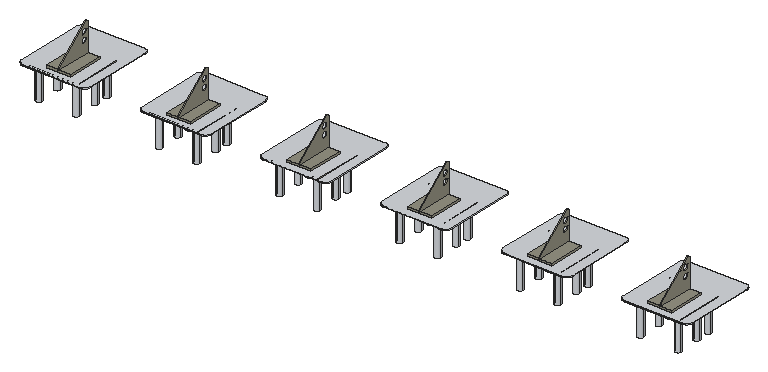
Revit family "Construction_Roof-Accessories_Alpine-SnowGuards_PP115R", category Specialty Equipment, host Face, Revit 2019
Family settings
  Host = Face
  Round Connector Dimension = Use Diameter
  Part Type = Normal
  OmniClass Number = 23.35.20.31.27.14
  OmniClass Title = Snow Guards
  Cut with Voids When Loaded = No
  Shared = No
  Room Calculation Point = No
Parameters (values of type "Hi Hole")
  z_HCtrl [instance] = z_Ferrule_Height_Ctrl  # 5"
  z_Flashing_Height [instance] = z_HCtrl + 1" / 8  # 5 1/8"
  z_Ferrule_Height_Ctrl [instance] = if(Ferrule Height > 24", 24", if(Ferrule Height < 1", 1", Ferrule Height))  # 5"
  Z_Two Pipe = no
  Z_Two 6 [instance] = and(Z_Length > Z_Horizontal Spacing, and([6 Posts]))  # yes
  Z_Two [instance] = Z_Length > Z_Horizontal Spacing  # yes
  Z_Three Pipe = no
  Z_Radius = 1/2"
  Z_Pad Position [instance] = z_HCtrl + 3" / 16  # 5 3/16"
  Z_One 6 [instance] = and([6 Posts], not(Z_Array 6))  # no
  Z_One [instance] = not(Z_Array)  # no
  Z_Length [instance] = if(Length < Z_Horizontal Spacing, Z_Horizontal Spacing, Length)  # 100"
  Z_Horizontal Spacing [instance] = if(Horizontal Spacing < 2", 2", Horizontal Spacing)  # 20"
  Z_Hi Hole = yes
  Z_Array 6 [instance] = and(Z_Length > Z_Horizontal Spacing * 2, and([6 Posts]))  # yes
  Z_Array [instance] = and(Z_Length > Z_Horizontal Spacing * 2)  # yes
  URL = "https://www.alpinesnowguards.com/model/pp115?utm_source=bimobject&utm_medium=productlisting&utm_campaign=2022marketing"
  Snow Guard Count [instance] = if(Length < Horizontal Spacing, 1, if(and(Z_Length > Z_Horizontal Spacing, Z_Length < Z_Horizontal Spacing * 2), 2, Z_Number of Pads Control))  # 6
  Product data url = "https://www.bimobject.com/en-us/alpine-snowguards/product/pp115r_two_or_three_pipe_snow_guard"
  Product Material = Alpine SnowGuards - Aluminium - Mill Finish
  Product Guid = "bb4954c0-a4e1-4e39-9e12-db7043d17840"
  Z_Number of Pads Control [instance] = if(Z_Length / Z_Horizontal Spacing + 1 < 3, 3, rounddown(Z_Length / Z_Horizontal Spacing + 1))  # 6
  Pad Material = Alpine SnowGuards - Aluminium - Mill Finish
  Model = "PP115R - Hi Hole"
  Manufacturer = "Alpine SnowGuards"  # constant formula
  Length [instance] = 100"
  Keynote = "07720"
  Length Note [instance] = "To show a single SnowGuard set Length to 0"  # constant formula
  Horizontal Spacing = 20"
  Ferrule Height [instance] = 5"
  Edition number = 1  # constant formula
  Description = "PP115 two or three pipe, pipe-style snow guard bracket in aluminum. 6''X8'' stainless steel base plate."  # constant formula
  Default Elevation = 48"
  Base Material = Alpine SnowGuards - Aluminium - Mill Finish
  Assembly Code = "B3010"
  6 Posts = yes
  4 Posts = not([6 Posts])  # no
Types (4): name | Z_Two Pipe | Z_Three Pipe | Z_Hi Hole | Model
  (no name) | no | no | yes | "PP115R - Hi Hole"
  Two Pipe | yes | no | no | "PP115R - Two Pipe"
  Three Pipe | no | yes | no | "PP115R - Three Pipe"
  Hi Hole | no | no | yes | "PP115R - Hi Hole"
Reference planes (in)
  plane 1 "Center (Front/Back)": y = 0
  plane 2: z = 0
  plane 3 "Center (Left/Right)": x = 0
  plane 4: x = -6
  plane 5: x = 100
  plane 6: z = 5
  plane 7: x = 20
  plane 8: y = -2.21833
Dimensions and locks (in)
  plane 4 to plane 3 "Center (Left/Right)" = 6"
  "Z_Length": plane 3 "Center (Left/Right)" to plane 5
  "z_HCtrl": plane 6 to host face
  "z_Flashing_Height": nested 2 to level
  "Z_Pad Position": nested 3 to host face  (x2)
  locked: nested 4 to plane 3 "Center (Left/Right)" at 3.125
  locked: nested 4 to plane 8 at 3.125
  locked: nested 5 to plane 3 "Center (Left/Right)" at 3.125
  locked: plane 8 to nested 5 at 3.125
  locked: plane 3 "Center (Left/Right)" to nested 6 at 3.125
  locked: nested 6 to plane 8 at 3.125
  locked: plane 8 to nested 7 at 3.125
  locked: plane 3 "Center (Left/Right)" to nested 7 at 3.125
  equal spacing: group 1, group 2, group 9, group 16, group 17, group 18  (x3)
  locked: plane 8 to nested 9 at 3.125
  locked: nested 8 to plane 8 at 3.125
  locked: nested 10 to plane 8 at 3.125
  locked: plane 8 to nested 11 at 3.125
  locked: nested 8 to plane 7 at 3.125
  locked: plane 7 to nested 10 at 3.125
  locked: nested 9 to plane 7 at 3.125
  locked: plane 7 to nested 11 at 3.125
  "Z_Horizontal Spacing": plane 3 "Center (Left/Right)" to plane 7
  equal spacing: group 3, group 4, group 10, group 19, group 20, group 21  (x3)
  equal spacing: group 5, group 6, group 11, group 22, group 23, group 24  (x3)
  equal spacing: group 7, group 8, group 12, group 25, group 26, group 27  (x3)
  "z_Flashing_Height": nested 14 to host face
  "Z_Pad Position": nested 13 to host face
  "z_Flashing_Height": nested 22 to level
  "z_Flashing_Height": nested 23 to level
  "Z_Pad Position": nested 24 to level
  "Z_Pad Position": nested 25 to level
  locked: nested 30 to plane 8 at 3.125
  locked: plane 8 to nested 27 at 3.125
  locked: nested 29 to plane 8 at 3.125
  locked: plane 8 to nested 28 at 3.125
  locked: nested 33 to plane 8 at 3.125
  locked: nested 34 to plane 8 at 3.125
  locked: plane 8 to nested 31 at 3.125
  locked: plane 8 to nested 32 at 3.125
  locked: nested 36 to plane 3 "Center (Left/Right)" at 3.125
  locked: plane 8 to nested 36 at 0.74959
  locked: plane 3 "Center (Left/Right)" to nested 35 at 3.125
  locked: plane 8 to nested 35 at 0.74959
  equal spacing: group 13, group 14, group 15, group 28, group 29, group 30  (x3)
  locked: nested 38 to plane 7 at 3.125
  locked: plane 7 to nested 37 at 3.125
  locked: plane 8 to nested 38 at 0.74959
  locked: plane 8 to nested 37 at 0.74959
  locked: nested 44 to plane 3 "Center (Left/Right)" at 3.125
  locked: plane 3 "Center (Left/Right)" to nested 43 at 3.125
  locked: plane 8 to nested 44 at 0.74959
  locked: plane 8 to nested 43 at 0.74959
  locked: nested 46 to plane 7 at 3.125
  locked: plane 7 to nested 45 at 3.125
  locked: plane 8 to nested 46 at 0.74959
  locked: plane 8 to nested 45 at 0.74959
  aligned and locked: host face to plane 2
  aligned and locked: level to host face
  aligned and locked: nested 1 to plane 6
  aligned and locked: plane 3 "Center (Left/Right)" to nested 1
  aligned and locked: plane 8 to nested 1
  aligned and locked: nested 2 to plane 1 "Center (Front/Back)"
  aligned and locked: plane 3 "Center (Left/Right)" to nested 2
  aligned and locked: plane 1 "Center (Front/Back)" to nested 3
  aligned and locked: nested 3 to plane 3 "Center (Left/Right)"
  aligned and locked: nested 5 to plane 6
  aligned and locked: plane 6 to nested 7
  aligned and locked: plane 6 to nested 4
  aligned and locked: nested 6 to plane 6
  aligned and locked: nested 9 to plane 6
  aligned and locked: plane 6 to nested 8
  aligned and locked: plane 6 to nested 11
  aligned and locked: nested 10 to plane 6
  aligned and locked: nested 12 to plane 6
  aligned and locked: nested 12 to plane 8
  aligned and locked: nested 12 to plane 7
  aligned and locked: plane 1 "Center (Front/Back)" to nested 13
  aligned and locked: plane 7 to nested 13
  aligned and locked: nested 14 to plane 1 "Center (Front/Back)"
  aligned and locked: nested 14 to plane 7
  aligned and locked: nested 26 to plane 6
  aligned and locked: plane 3 "Center (Left/Right)" to nested 22
  aligned and locked: nested 22 to plane 1 "Center (Front/Back)"
  aligned and locked: nested 24 to plane 3 "Center (Left/Right)"
  aligned and locked: nested 26 to plane 8
  aligned and locked: nested 26 to plane 7
  aligned and locked: nested 23 to plane 7
  aligned and locked: nested 23 to plane 1 "Center (Front/Back)"
  aligned and locked: plane 1 "Center (Front/Back)" to nested 25
  aligned and locked: plane 7 to nested 25
  aligned and locked: plane 3 "Center (Left/Right)" to nested 47
  aligned and locked: plane 8 to nested 47
Automatic sketch dimensions
  host sketch curve to host sketch curve = 135.21334"
  host sketch curve to host sketch curve = 96"
Nested families (in)
  nested 1: "Construction_Roof-Accessories_Alpine-SnowGuards_Base-PP115R" at (0, 1.78167, 5), Material <- "Base Material", visible <- "Z_Array", type "8"x8""
    with Material Alpine SnowGuards - Aluminium - Mill Finish
  nested 2: "Target-Patch-Flashing" at (0, -6.625, 5), visible <- "Z_Array", type "Target-Patch-Flashing"
  nested 3: "Construction_Roof-Accessories_Alpine-SnowGuards_Pad-PP115R" at (0, -5.21833, 5.0625) x (-1, 0, 0) z (0, 0, 1), Pad Material <- "Pad Material", Three Pipe <- "Z_Three Pipe", Two Pipe <- "Z_Two Pipe", Hi Hole <- "Z_Hi Hole", visible <- "Z_Array", type "Construction_Roof-Accessories_Alpine-SnowGuards_Pad-PP115R"
    with Two Pipe no, Three Pipe no, Pad Material Alpine SnowGuards - Aluminium - Mill Finish, Hi Hole yes
  nested 4: "Construction_Roof Accessories_Alpine-SnowGuards_Ferrule-PP115R" at (-3.125, 0.90667, 0), z_Height_Ctrl <- "z_Ferrule_Height_Ctrl", visible <- "Z_Array", type "Construction_Roof Accessories_Alpine-SnowGuards_Ferrule-PP115R"
    with z_Height_Ctrl 5"
  nested 5: "Construction_Roof Accessories_Alpine-SnowGuards_Ferrule-PP115R" at (-3.125, -5.34333, 0), z_Height_Ctrl <- "z_Ferrule_Height_Ctrl", visible <- "Z_Array", type "Construction_Roof Accessories_Alpine-SnowGuards_Ferrule-PP115R"
    with z_Height_Ctrl 5"
  nested 6: "Construction_Roof Accessories_Alpine-SnowGuards_Ferrule-PP115R" at (3.125, 0.90667, 0) x (-1, 0, 0) z (0, 0, 1), z_Height_Ctrl <- "z_Ferrule_Height_Ctrl", visible <- "Z_Array", type "Construction_Roof Accessories_Alpine-SnowGuards_Ferrule-PP115R"
    with z_Height_Ctrl 5"
  nested 7: "Construction_Roof Accessories_Alpine-SnowGuards_Ferrule-PP115R" at (3.125, -5.34333, 0) x (-1, 0, 0) z (0, 0, 1), z_Height_Ctrl <- "z_Ferrule_Height_Ctrl", visible <- "Z_Array", type "Construction_Roof Accessories_Alpine-SnowGuards_Ferrule-PP115R"
    with z_Height_Ctrl 5"
  nested 8: "Construction_Roof Accessories_Alpine-SnowGuards_Ferrule-PP115R" at (16.875, 0.90667, 0), z_Height_Ctrl <- "z_Ferrule_Height_Ctrl", visible <- "Z_Array", type "Construction_Roof Accessories_Alpine-SnowGuards_Ferrule-PP115R"
    with z_Height_Ctrl 5"
  nested 9: "Construction_Roof Accessories_Alpine-SnowGuards_Ferrule-PP115R" at (16.875, -5.34333, 0), z_Height_Ctrl <- "z_Ferrule_Height_Ctrl", visible <- "Z_Array", type "Construction_Roof Accessories_Alpine-SnowGuards_Ferrule-PP115R"
    with z_Height_Ctrl 5"
  nested 10: "Construction_Roof Accessories_Alpine-SnowGuards_Ferrule-PP115R" at (23.125, 0.90667, 0) x (-1, 0, 0) z (0, 0, 1), z_Height_Ctrl <- "z_Ferrule_Height_Ctrl", visible <- "Z_Array", type "Construction_Roof Accessories_Alpine-SnowGuards_Ferrule-PP115R"
    with z_Height_Ctrl 5"
  nested 11: "Construction_Roof Accessories_Alpine-SnowGuards_Ferrule-PP115R" at (23.125, -5.34333, 0) x (-1, 0, 0) z (0, 0, 1), z_Height_Ctrl <- "z_Ferrule_Height_Ctrl", visible <- "Z_Array", type "Construction_Roof Accessories_Alpine-SnowGuards_Ferrule-PP115R"
    with z_Height_Ctrl 5"
  nested 12: "Construction_Roof-Accessories_Alpine-SnowGuards_Base-PP115R" at (20, 1.78167, 5), Material <- "Base Material", visible <- "Z_Array", type "8"x8""
    with Material Alpine SnowGuards - Aluminium - Mill Finish
  nested 13: "Construction_Roof-Accessories_Alpine-SnowGuards_Pad-PP115R" at (20, -5.21833, 5.0625) x (-1, 0, 0) z (0, 0, 1), Pad Material <- "Pad Material", Three Pipe <- "Z_Three Pipe", Two Pipe <- "Z_Two Pipe", Hi Hole <- "Z_Hi Hole", visible <- "Z_Array", type "Construction_Roof-Accessories_Alpine-SnowGuards_Pad-PP115R"
    with Two Pipe no, Three Pipe no, Pad Material Alpine SnowGuards - Aluminium - Mill Finish, Hi Hole yes
  nested 14: "Target-Patch-Flashing" at (20, -6.625, 5), visible <- "Z_Array", type "Target-Patch-Flashing"
  nested 15: "Construction_Roof Accessories_Alpine-SnowGuards_Ferrule-PP115R" at (36.875, 0.90667, 0), z_Height_Ctrl <- "z_Ferrule_Height_Ctrl", visible <- "Z_Array", type "Construction_Roof Accessories_Alpine-SnowGuards_Ferrule-PP115R"
    with z_Height_Ctrl 5"
  nested 16: "Construction_Roof Accessories_Alpine-SnowGuards_Ferrule-PP115R" at (36.875, -5.34333, 0), z_Height_Ctrl <- "z_Ferrule_Height_Ctrl", visible <- "Z_Array", type "Construction_Roof Accessories_Alpine-SnowGuards_Ferrule-PP115R"
    with z_Height_Ctrl 5"
  nested 17: "Construction_Roof Accessories_Alpine-SnowGuards_Ferrule-PP115R" at (43.125, 0.90667, 0) x (-1, 0, 0) z (0, 0, 1), z_Height_Ctrl <- "z_Ferrule_Height_Ctrl", visible <- "Z_Array", type "Construction_Roof Accessories_Alpine-SnowGuards_Ferrule-PP115R"
    with z_Height_Ctrl 5"
  nested 18: "Construction_Roof Accessories_Alpine-SnowGuards_Ferrule-PP115R" at (43.125, -5.34333, 0) x (-1, 0, 0) z (0, 0, 1), z_Height_Ctrl <- "z_Ferrule_Height_Ctrl", visible <- "Z_Array", type "Construction_Roof Accessories_Alpine-SnowGuards_Ferrule-PP115R"
    with z_Height_Ctrl 5"
  nested 19: "Construction_Roof-Accessories_Alpine-SnowGuards_Base-PP115R" at (40, 1.78167, 5), Material <- "Base Material", visible <- "Z_Array", type "8"x8""
    with Material Alpine SnowGuards - Aluminium - Mill Finish
  nested 20: "Construction_Roof-Accessories_Alpine-SnowGuards_Pad-PP115R" at (40, -5.21833, 5.0625) x (-1, 0, 0) z (0, 0, 1), Pad Material <- "Pad Material", Three Pipe <- "Z_Three Pipe", Two Pipe <- "Z_Two Pipe", Hi Hole <- "Z_Hi Hole", visible <- "Z_Array", type "Construction_Roof-Accessories_Alpine-SnowGuards_Pad-PP115R"
    with Two Pipe no, Three Pipe no, Pad Material Alpine SnowGuards - Aluminium - Mill Finish, Hi Hole yes
  nested 21: "Target-Patch-Flashing" at (40, -6.625, 5), visible <- "Z_Array", type "Target-Patch-Flashing"
  nested 22: "Target-Patch-Flashing" at (0, -6.625, 5), visible <- "Z_One", type "Target-Patch-Flashing"
  nested 23: "Target-Patch-Flashing" at (20, -6.625, 5), visible <- "Z_Two", type "Target-Patch-Flashing"
  nested 24: "Construction_Roof-Accessories_Alpine-SnowGuards_Pad-PP115R" at (0, -5.21833, 5.0625) x (-1, 0, 0) z (0, 0, 1), Pad Material <- "Pad Material", Three Pipe <- "Z_Three Pipe", Two Pipe <- "Z_Two Pipe", Hi Hole <- "Z_Hi Hole", type "Construction_Roof-Accessories_Alpine-SnowGuards_Pad-PP115R"
    with Two Pipe no, Three Pipe no, Pad Material Alpine SnowGuards - Aluminium - Mill Finish, Hi Hole yes
  nested 25: "Construction_Roof-Accessories_Alpine-SnowGuards_Pad-PP115R" at (20, -5.21833, 5.0625) x (-1, 0, 0) z (0, 0, 1), Pad Material <- "Pad Material", visible <- "Z_Two", Three Pipe <- "Z_Three Pipe", Two Pipe <- "Z_Two Pipe", Hi Hole <- "Z_Hi Hole", type "Construction_Roof-Accessories_Alpine-SnowGuards_Pad-PP115R"
    with Two Pipe no, Three Pipe no, Pad Material Alpine SnowGuards - Aluminium - Mill Finish, Hi Hole yes
  nested 26: "Construction_Roof-Accessories_Alpine-SnowGuards_Base-PP115R" at (20, 1.78167, 5), visible <- "Z_Two", Material <- "Base Material", type "8"x8""
    with Material Alpine SnowGuards - Aluminium - Mill Finish
  nested 27: "Construction_Roof Accessories_Alpine-SnowGuards_Ferrule-PP115R" at (-3.125, -5.34333, 0), visible <- "Z_One", z_Height_Ctrl <- "z_Ferrule_Height_Ctrl", type "Construction_Roof Accessories_Alpine-SnowGuards_Ferrule-PP115R"
    with z_Height_Ctrl 5"
  nested 28: "Construction_Roof Accessories_Alpine-SnowGuards_Ferrule-PP115R" at (3.125, -5.34333, 0), visible <- "Z_One", z_Height_Ctrl <- "z_Ferrule_Height_Ctrl", type "Construction_Roof Accessories_Alpine-SnowGuards_Ferrule-PP115R"
    with z_Height_Ctrl 5"
  nested 29: "Construction_Roof Accessories_Alpine-SnowGuards_Ferrule-PP115R" at (3.125, 0.90667, 0), visible <- "Z_One", z_Height_Ctrl <- "z_Ferrule_Height_Ctrl", type "Construction_Roof Accessories_Alpine-SnowGuards_Ferrule-PP115R"
    with z_Height_Ctrl 5"
  nested 30: "Construction_Roof Accessories_Alpine-SnowGuards_Ferrule-PP115R" at (-3.125, 0.90667, 0), visible <- "Z_One", z_Height_Ctrl <- "z_Ferrule_Height_Ctrl", type "Construction_Roof Accessories_Alpine-SnowGuards_Ferrule-PP115R"
    with z_Height_Ctrl 5"
  nested 31: "Construction_Roof Accessories_Alpine-SnowGuards_Ferrule-PP115R" at (16.875, -5.34333, 0), visible <- "Z_Two", z_Height_Ctrl <- "z_Ferrule_Height_Ctrl", type "Construction_Roof Accessories_Alpine-SnowGuards_Ferrule-PP115R"
    with z_Height_Ctrl 5"
  nested 32: "Construction_Roof Accessories_Alpine-SnowGuards_Ferrule-PP115R" at (23.125, -5.34333, 0), visible <- "Z_Two", z_Height_Ctrl <- "z_Ferrule_Height_Ctrl", type "Construction_Roof Accessories_Alpine-SnowGuards_Ferrule-PP115R"
    with z_Height_Ctrl 5"
  nested 33: "Construction_Roof Accessories_Alpine-SnowGuards_Ferrule-PP115R" at (16.875, 0.90667, 0), visible <- "Z_Two", z_Height_Ctrl <- "z_Ferrule_Height_Ctrl", type "Construction_Roof Accessories_Alpine-SnowGuards_Ferrule-PP115R"
    with z_Height_Ctrl 5"
  nested 34: "Construction_Roof Accessories_Alpine-SnowGuards_Ferrule-PP115R" at (23.125, 0.90667, 0), visible <- "Z_Two", z_Height_Ctrl <- "z_Ferrule_Height_Ctrl", type "Construction_Roof Accessories_Alpine-SnowGuards_Ferrule-PP115R"
    with z_Height_Ctrl 5"
  nested 35: "Construction_Roof Accessories_Alpine-SnowGuards_Ferrule-PP115R" at (3.125, -1.46875, 0), visible <- "Z_Array 6", z_Height_Ctrl <- "z_Ferrule_Height_Ctrl", type "Construction_Roof Accessories_Alpine-SnowGuards_Ferrule-PP115R"
    with z_Height_Ctrl 5"
  nested 36: "Construction_Roof Accessories_Alpine-SnowGuards_Ferrule-PP115R" at (-3.125, -1.46875, 0), visible <- "Z_Array 6", z_Height_Ctrl <- "z_Ferrule_Height_Ctrl", type "Construction_Roof Accessories_Alpine-SnowGuards_Ferrule-PP115R"
    with z_Height_Ctrl 5"
  nested 37: "Construction_Roof Accessories_Alpine-SnowGuards_Ferrule-PP115R" at (23.125, -1.46875, 0), visible <- "Z_Array 6", z_Height_Ctrl <- "z_Ferrule_Height_Ctrl", type "Construction_Roof Accessories_Alpine-SnowGuards_Ferrule-PP115R"
    with z_Height_Ctrl 5"
  nested 38: "Construction_Roof Accessories_Alpine-SnowGuards_Ferrule-PP115R" at (16.875, -1.46875, 0), visible <- "Z_Array 6", z_Height_Ctrl <- "z_Ferrule_Height_Ctrl", type "Construction_Roof Accessories_Alpine-SnowGuards_Ferrule-PP115R"
    with z_Height_Ctrl 5"
  nested 39: "Construction_Roof Accessories_Alpine-SnowGuards_Ferrule-PP115R" at (-3.125, -1.46875, 0), visible <- "6 Posts", z_Height_Ctrl <- "z_Ferrule_Height_Ctrl", type "Construction_Roof Accessories_Alpine-SnowGuards_Ferrule-PP115R"
    with z_Height_Ctrl 5"
  nested 40: "Construction_Roof Accessories_Alpine-SnowGuards_Ferrule-PP115R" at (3.125, -1.46875, 0), visible <- "6 Posts", z_Height_Ctrl <- "z_Ferrule_Height_Ctrl", type "Construction_Roof Accessories_Alpine-SnowGuards_Ferrule-PP115R"
    with z_Height_Ctrl 5"
  nested 41: "Construction_Roof Accessories_Alpine-SnowGuards_Ferrule-PP115R" at (43.125, -1.46875, 0), visible <- "Z_Array 6", z_Height_Ctrl <- "z_Ferrule_Height_Ctrl", type "Construction_Roof Accessories_Alpine-SnowGuards_Ferrule-PP115R"
    with z_Height_Ctrl 5"
  nested 42: "Construction_Roof Accessories_Alpine-SnowGuards_Ferrule-PP115R" at (36.875, -1.46875, 0), visible <- "Z_Array 6", z_Height_Ctrl <- "z_Ferrule_Height_Ctrl", type "Construction_Roof Accessories_Alpine-SnowGuards_Ferrule-PP115R"
    with z_Height_Ctrl 5"
  nested 43: "Construction_Roof Accessories_Alpine-SnowGuards_Ferrule-PP115R" at (3.125, -1.46875, 0), visible <- "Z_One 6", z_Height_Ctrl <- "z_Ferrule_Height_Ctrl", type "Construction_Roof Accessories_Alpine-SnowGuards_Ferrule-PP115R"
    with z_Height_Ctrl 5"
  nested 44: "Construction_Roof Accessories_Alpine-SnowGuards_Ferrule-PP115R" at (-3.125, -1.46875, 0), visible <- "Z_One 6", z_Height_Ctrl <- "z_Ferrule_Height_Ctrl", type "Construction_Roof Accessories_Alpine-SnowGuards_Ferrule-PP115R"
    with z_Height_Ctrl 5"
  nested 45: "Construction_Roof Accessories_Alpine-SnowGuards_Ferrule-PP115R" at (23.125, -1.46875, 0), visible <- "Z_Two 6", z_Height_Ctrl <- "z_Ferrule_Height_Ctrl", type "Construction_Roof Accessories_Alpine-SnowGuards_Ferrule-PP115R"
    with z_Height_Ctrl 5"
  nested 46: "Construction_Roof Accessories_Alpine-SnowGuards_Ferrule-PP115R" at (16.875, -1.46875, 0), visible <- "Z_Two 6", z_Height_Ctrl <- "z_Ferrule_Height_Ctrl", type "Construction_Roof Accessories_Alpine-SnowGuards_Ferrule-PP115R"
    with z_Height_Ctrl 5"
  nested 47: "Construction_Roof-Accessories_Alpine-SnowGuards_Base-PP115R" at (0, 1.78167, 5), visible <- "Z_One", Material <- "Base Material", type "8"x8""
    with Material Alpine SnowGuards - Aluminium - Mill Finish
  nested 48: "Construction_Roof Accessories_Alpine-SnowGuards_Ferrule-PP115R" at (56.875, 0.90667, 0), z_Height_Ctrl <- "z_Ferrule_Height_Ctrl", visible <- "Z_Array", type "Construction_Roof Accessories_Alpine-SnowGuards_Ferrule-PP115R"
    with z_Height_Ctrl 5"
  nested 49: "Construction_Roof Accessories_Alpine-SnowGuards_Ferrule-PP115R" at (56.875, -5.34333, 0), z_Height_Ctrl <- "z_Ferrule_Height_Ctrl", visible <- "Z_Array", type "Construction_Roof Accessories_Alpine-SnowGuards_Ferrule-PP115R"
    with z_Height_Ctrl 5"
  nested 50: "Construction_Roof Accessories_Alpine-SnowGuards_Ferrule-PP115R" at (63.125, 0.90667, 0) x (-1, 0, 0) z (0, 0, 1), z_Height_Ctrl <- "z_Ferrule_Height_Ctrl", visible <- "Z_Array", type "Construction_Roof Accessories_Alpine-SnowGuards_Ferrule-PP115R"
    with z_Height_Ctrl 5"
  nested 51: "Construction_Roof Accessories_Alpine-SnowGuards_Ferrule-PP115R" at (63.125, -5.34333, 0) x (-1, 0, 0) z (0, 0, 1), z_Height_Ctrl <- "z_Ferrule_Height_Ctrl", visible <- "Z_Array", type "Construction_Roof Accessories_Alpine-SnowGuards_Ferrule-PP115R"
    with z_Height_Ctrl 5"
  nested 52: "Construction_Roof Accessories_Alpine-SnowGuards_Ferrule-PP115R" at (76.875, 0.90667, 0), z_Height_Ctrl <- "z_Ferrule_Height_Ctrl", visible <- "Z_Array", type "Construction_Roof Accessories_Alpine-SnowGuards_Ferrule-PP115R"
    with z_Height_Ctrl 5"
  nested 53: "Construction_Roof Accessories_Alpine-SnowGuards_Ferrule-PP115R" at (76.875, -5.34333, 0), z_Height_Ctrl <- "z_Ferrule_Height_Ctrl", visible <- "Z_Array", type "Construction_Roof Accessories_Alpine-SnowGuards_Ferrule-PP115R"
    with z_Height_Ctrl 5"
  nested 54: "Construction_Roof Accessories_Alpine-SnowGuards_Ferrule-PP115R" at (83.125, 0.90667, 0) x (-1, 0, 0) z (0, 0, 1), z_Height_Ctrl <- "z_Ferrule_Height_Ctrl", visible <- "Z_Array", type "Construction_Roof Accessories_Alpine-SnowGuards_Ferrule-PP115R"
    with z_Height_Ctrl 5"
  nested 55: "Construction_Roof Accessories_Alpine-SnowGuards_Ferrule-PP115R" at (83.125, -5.34333, 0) x (-1, 0, 0) z (0, 0, 1), z_Height_Ctrl <- "z_Ferrule_Height_Ctrl", visible <- "Z_Array", type "Construction_Roof Accessories_Alpine-SnowGuards_Ferrule-PP115R"
    with z_Height_Ctrl 5"
  nested 56: "Construction_Roof Accessories_Alpine-SnowGuards_Ferrule-PP115R" at (96.875, 0.90667, 0), z_Height_Ctrl <- "z_Ferrule_Height_Ctrl", visible <- "Z_Array", type "Construction_Roof Accessories_Alpine-SnowGuards_Ferrule-PP115R"
    with z_Height_Ctrl 5"
  nested 57: "Construction_Roof Accessories_Alpine-SnowGuards_Ferrule-PP115R" at (96.875, -5.34333, 0), z_Height_Ctrl <- "z_Ferrule_Height_Ctrl", visible <- "Z_Array", type "Construction_Roof Accessories_Alpine-SnowGuards_Ferrule-PP115R"
    with z_Height_Ctrl 5"
  nested 58: "Construction_Roof Accessories_Alpine-SnowGuards_Ferrule-PP115R" at (103.125, 0.90667, 0) x (-1, 0, 0) z (0, 0, 1), z_Height_Ctrl <- "z_Ferrule_Height_Ctrl", visible <- "Z_Array", type "Construction_Roof Accessories_Alpine-SnowGuards_Ferrule-PP115R"
    with z_Height_Ctrl 5"
  nested 59: "Construction_Roof Accessories_Alpine-SnowGuards_Ferrule-PP115R" at (103.125, -5.34333, 0) x (-1, 0, 0) z (0, 0, 1), z_Height_Ctrl <- "z_Ferrule_Height_Ctrl", visible <- "Z_Array", type "Construction_Roof Accessories_Alpine-SnowGuards_Ferrule-PP115R"
    with z_Height_Ctrl 5"
  nested 60: "Construction_Roof-Accessories_Alpine-SnowGuards_Base-PP115R" at (60, 1.78167, 5), Material <- "Base Material", visible <- "Z_Array", type "8"x8""
    with Material Alpine SnowGuards - Aluminium - Mill Finish
  nested 61: "Construction_Roof-Accessories_Alpine-SnowGuards_Base-PP115R" at (80, 1.78167, 5), Material <- "Base Material", visible <- "Z_Array", type "8"x8""
    with Material Alpine SnowGuards - Aluminium - Mill Finish
  nested 62: "Construction_Roof-Accessories_Alpine-SnowGuards_Base-PP115R" at (100, 1.78167, 5), Material <- "Base Material", visible <- "Z_Array", type "8"x8""
    with Material Alpine SnowGuards - Aluminium - Mill Finish
  nested 63: "Construction_Roof-Accessories_Alpine-SnowGuards_Pad-PP115R" at (60, -5.21833, 5.0625) x (-1, 0, 0) z (0, 0, 1), Pad Material <- "Pad Material", Three Pipe <- "Z_Three Pipe", Two Pipe <- "Z_Two Pipe", Hi Hole <- "Z_Hi Hole", visible <- "Z_Array", type "Construction_Roof-Accessories_Alpine-SnowGuards_Pad-PP115R"
    with Two Pipe no, Three Pipe no, Pad Material Alpine SnowGuards - Aluminium - Mill Finish, Hi Hole yes
  nested 64: "Construction_Roof-Accessories_Alpine-SnowGuards_Pad-PP115R" at (80, -5.21833, 5.0625) x (-1, 0, 0) z (0, 0, 1), Pad Material <- "Pad Material", Three Pipe <- "Z_Three Pipe", Two Pipe <- "Z_Two Pipe", Hi Hole <- "Z_Hi Hole", visible <- "Z_Array", type "Construction_Roof-Accessories_Alpine-SnowGuards_Pad-PP115R"
    with Two Pipe no, Three Pipe no, Pad Material Alpine SnowGuards - Aluminium - Mill Finish, Hi Hole yes
  nested 65: "Construction_Roof-Accessories_Alpine-SnowGuards_Pad-PP115R" at (100, -5.21833, 5.0625) x (-1, 0, 0) z (0, 0, 1), Pad Material <- "Pad Material", Three Pipe <- "Z_Three Pipe", Two Pipe <- "Z_Two Pipe", Hi Hole <- "Z_Hi Hole", visible <- "Z_Array", type "Construction_Roof-Accessories_Alpine-SnowGuards_Pad-PP115R"
    with Two Pipe no, Three Pipe no, Pad Material Alpine SnowGuards - Aluminium - Mill Finish, Hi Hole yes
  nested 66: "Target-Patch-Flashing" at (60, -6.625, 5), visible <- "Z_Array", type "Target-Patch-Flashing"
  nested 67: "Target-Patch-Flashing" at (80, -6.625, 5), visible <- "Z_Array", type "Target-Patch-Flashing"
  nested 68: "Target-Patch-Flashing" at (100, -6.625, 5), visible <- "Z_Array", type "Target-Patch-Flashing"
  nested 69: "Construction_Roof Accessories_Alpine-SnowGuards_Ferrule-PP115R" at (63.125, -1.46875, 0), visible <- "Z_Array 6", z_Height_Ctrl <- "z_Ferrule_Height_Ctrl", type "Construction_Roof Accessories_Alpine-SnowGuards_Ferrule-PP115R"
    with z_Height_Ctrl 5"
  nested 70: "Construction_Roof Accessories_Alpine-SnowGuards_Ferrule-PP115R" at (56.875, -1.46875, 0), visible <- "Z_Array 6", z_Height_Ctrl <- "z_Ferrule_Height_Ctrl", type "Construction_Roof Accessories_Alpine-SnowGuards_Ferrule-PP115R"
    with z_Height_Ctrl 5"
  nested 71: "Construction_Roof Accessories_Alpine-SnowGuards_Ferrule-PP115R" at (83.125, -1.46875, 0), visible <- "Z_Array 6", z_Height_Ctrl <- "z_Ferrule_Height_Ctrl", type "Construction_Roof Accessories_Alpine-SnowGuards_Ferrule-PP115R"
    with z_Height_Ctrl 5"
  nested 72: "Construction_Roof Accessories_Alpine-SnowGuards_Ferrule-PP115R" at (76.875, -1.46875, 0), visible <- "Z_Array 6", z_Height_Ctrl <- "z_Ferrule_Height_Ctrl", type "Construction_Roof Accessories_Alpine-SnowGuards_Ferrule-PP115R"
    with z_Height_Ctrl 5"
  nested 73: "Construction_Roof Accessories_Alpine-SnowGuards_Ferrule-PP115R" at (103.125, -1.46875, 0), visible <- "Z_Array 6", z_Height_Ctrl <- "z_Ferrule_Height_Ctrl", type "Construction_Roof Accessories_Alpine-SnowGuards_Ferrule-PP115R"
    with z_Height_Ctrl 5"
  nested 74: "Construction_Roof Accessories_Alpine-SnowGuards_Ferrule-PP115R" at (96.875, -1.46875, 0), visible <- "Z_Array 6", z_Height_Ctrl <- "z_Ferrule_Height_Ctrl", type "Construction_Roof Accessories_Alpine-SnowGuards_Ferrule-PP115R"
    with z_Height_Ctrl 5"
Definition of nested family "Construction_Roof-Accessories_Alpine-SnowGuards_Base-PP115R"
  Parameters (values of type "8"x8"")
    W = 8"
    Material [instance] = none
  Reference planes (in)
    plane 1 "Center (Front/Back)": y = 0
    plane 2: z = 0
    plane 3 "Center (Left/Right)": x = 0
    plane 4: y = -8
    plane 5: x = -4
    plane 6: x = 4
    plane 7: y = -4
    plane 8: z = 0.125
  Forms (in)
    Extrusion 1, solid, material <- "Material"
      sketch origin (0, 0, 0) x (1, 0, 0) y (0, 0, 1)
        loop
          line (-4, 0.125) -> (-4, 0) -> (4, 0) -> (4, 0.125) -> (-4, 0.125)
      from 0 to 8
  Lines and regions (in)
    model lines, detail levels fine
      curve 1: circle (-3.12475, -7.12459, 0.125) r 0.46875 normal (0, 0, -1)
      curve 2: circle (-3.125, -0.87541, 0.125) r 0.46875 normal (0, 0, 1)
      curve 3: circle (3.125, -0.87541, 0.125) r 0.46875 normal (0, 0, -1)
      curve 4: circle (3.12475, -7.12459, 0.125) r 0.46875 normal (0, 0, 1)
      curve 5: circle (-3.125, -3.25041, 0.125) r 0.46875 normal (0, 0, 1)
      curve 6: circle (3.125, -3.25041, 0.125) r 0.46875 normal (0, 0, -1)
  Dimensions and locks (in)
    locked: plane 4 to plane 1 "Center (Front/Back)" at 8
    equal spacing: plane 5, plane 3 "Center (Left/Right)", plane 6
    "W": plane 5 to plane 6
    locked: Extrusion 1 sketch curve to level at 0.125
    equal spacing: plane 4, plane 7, plane 1 "Center (Front/Back)"
    equal spacing: curve 2, plane 7, curve 1
    locked: curve 1 to curve 2 at 6.24917
    equal spacing: curve 2, plane 3 "Center (Left/Right)", curve 3
    locked: curve 2 to curve 3 at 6.25
    locked: curve 3 to curve 4 at 6.24917
    locked: curve 1 to curve 4 at 6.24951
    locked: curve 2 to curve 5 at 2.375
    locked: curve 3 to curve 6 at 2.375
    aligned and locked: level to plane 2
    aligned and locked: plane 5 to Extrusion 1 sketch curve
    aligned and locked: plane 2 to Extrusion 1 sketch curve
    aligned and locked: Extrusion 1 sketch curve to plane 6
    aligned and locked: Extrusion 1 to plane 1 "Center (Front/Back)"
    aligned and locked: Extrusion 1 to plane 4
  Automatic sketch dimensions
    curve 6 to plane 6 = 7/8"
    curve 4 to plane 6 = 0.87525"
    plane 5 to curve 5 = 7/8"
    plane 7 to curve 6 = 0.74959"
    radius of curve 1 = 15/32"
    radius of curve 2 = 15/32"
    radius of curve 3 = 15/32"
    radius of curve 4 = 15/32"
    radius of curve 5 = 15/32"
    radius of curve 6 = 15/32"
Definition of nested family "Target-Patch-Flashing"
  Reference planes (in)
    plane 1 "Center (Front/Back)": y = 0
    plane 2: z = 0
    plane 3 "Center (Left/Right)": x = 0
    plane 4: y = 13.25
    plane 5: x = -5.75
    plane 6: x = 5.75
    plane 7: z = 0.125
    plane 8: y = 6.625
  Forms (in)
    Extrusion 1, solid
      sketch origin (0, 0, 0) x (1, 0, 0) y (0, 1, 0)
        loop
          arc (-5.75, 1.03516) -> (-5.44681, 0.30319) -> (-4.71484, 0) r 1.03516
          line (-4.71484, 0) -> (4.71484, 0)
          arc (4.71484, 0) -> (5.44681, 0.30319) -> (5.75, 1.03516) r 1.03516
          line (5.75, 1.03516) -> (5.75, 12.21524)
          arc (5.75, 12.21524) -> (5.44693, 12.94693) -> (4.71524, 13.25) r 1.03476
          line (4.71524, 13.25) -> (-4.71484, 13.25)
          arc (-4.71484, 13.25) -> (-5.44681, 12.94681) -> (-5.75, 12.21484) r 1.03516
          line (-5.75, 12.21484) -> (-5.75, 1.03516)
      from 0.125 to 0.1875
  Dimensions and locks (in)
    equal spacing: plane 5, plane 3 "Center (Left/Right)", plane 6
    plane 5 to plane 3 "Center (Left/Right)" = 5 3/4"
    plane 7 to level = 1/8"
    equal spacing: plane 1 "Center (Front/Back)", plane 8, plane 4
    plane 4 to plane 1 "Center (Front/Back)" = 13 1/4"
    aligned and locked: plane 2 to level
    aligned and locked: plane 5 to Extrusion 1 sketch curve
    aligned and locked: plane 6 to Extrusion 1 sketch curve
    aligned and locked: Extrusion 1 sketch curve to plane 4
    aligned and locked: plane 1 "Center (Front/Back)" to Extrusion 1 sketch curve
    aligned and locked: Extrusion 1 to plane 7
  Automatic sketch dimensions
    Extrusion 1 sketch curve to plane 4 = 1 9/256"
    Extrusion 1 sketch curve to plane 1 "Center (Front/Back)" = 1 9/256"
    Extrusion 1 sketch curve to Extrusion 1 sketch curve = 1 9/256"
    Extrusion 1 sketch curve to plane 4 = 1.03476"
Definition of nested family "Construction_Roof-Accessories_Alpine-SnowGuards_Pad-PP115R"
  Parameters (values of type "Construction_Roof-Accessories_Alpine-SnowGuards_Pad-PP115R")
    Hi Hole [instance] = yes
    Two Pipe [instance] = no
    Three Pipe [instance] = no
    Pad Material [instance] = none
  Reference planes (in)
    plane 1 "Center (Front/Back)": y = 0
    plane 2: z = 0
    plane 3 "Center (Left/Right)": x = 0
    plane 4: y = -12
    plane 5: x = -3
    plane 6: x = 3
    plane 7: y = -6
    plane 8: y = -3
    plane 9: y = -5.21833
  Forms (in)
    Extrusion 1, solid, material <- "Pad Material"
      sketch origin (0, 0, 0) x (1, 0, 0) y (0, 0, 1)
        loop
          line (-2, 0.4375) -> (-2, 0.125) -> (2, 0.125) -> (2, 0.4375) -> (-2, 0.4375)
      from 0 to 6
    Sweep 2, solid, material <- "Pad Material", visible <- "Two Pipe", detail levels fine
      path origin (0, 0, 0) x (1, 0, 0) y (0, 0, 1)
        loop
          line (-0.09375, 0.4375) -> (0.09375, 0.4375)
      profile origin (0, 0, 0.4375) x (0, 0, 1) y (0, -1, 0)
        loop
          arc (4.76605, 5.59002) -> (4.80032, 5.85608) -> (4.57394, 6) r 0.25
          line (4.57394, 6) -> (0, 6) -> (0, 0) -> (0.11115, 0) -> (4.76605, 5.59002)
        loop
          circle (3.21875, 5.21833) r 0.53125
        loop
          circle (1.46875, 5.21833) r 0.53125
    Sweep 3, solid, material <- "Pad Material", visible <- "Three Pipe", detail levels fine
      path origin (0, 0, 0) x (1, 0, 0) y (0, 0, 1)
        loop
          line (-0.09375, 0.4375) -> (0.09375, 0.4375)
      profile origin (0, 0, 0.4375) x (0, 0, 1) y (0, -1, 0)
        loop
          arc (4.76605, 5.59002) -> (4.80032, 5.85608) -> (4.57394, 6) r 0.25
          line (4.57394, 6) -> (0, 6) -> (0, 0) -> (0.11115, 0) -> (4.76605, 5.59002)
        loop
          circle (3.53125, 5.21833) r 0.53125
        loop
          circle (2.21875, 5.21833) r 0.53125
        loop
          circle (0.90625, 5.21833) r 0.53125
    Sweep 4, solid, material <- "Pad Material", visible <- "Hi Hole", detail levels fine
      path origin (0, 0, 0) x (1, 0, 0) y (0, 0, 1)
        loop
          line (-0.09375, 0.4375) -> (0.09375, 0.4375)
      profile origin (0, 0, 0.4375) x (0, 0, 1) y (0, -1, 0)
        loop
          arc (4.76605, 5.59002) -> (4.80032, 5.85608) -> (4.57394, 6) r 0.25
          line (4.57394, 6) -> (0, 6) -> (0, 0) -> (0.11115, 0) -> (4.76605, 5.59002)
        loop
          circle (3.46875, 5.21833) r 0.53125
        loop
          circle (2.15625, 5.21833) r 0.53125
    Sweep 5, solid, material <- "Pad Material", visible <- "Hi Hole", detail levels coarse+medium
      path origin (0, 0, 0) x (1, 0, 0) y (0, 0, 1)
        loop
          line (-0.09375, 0.4375) -> (0.09375, 0.4375)
      profile origin (0, 0, 0.4375) x (0, 0, 1) y (0, -1, 0)
        loop
          arc (4.76605, 5.59002) -> (4.80032, 5.85608) -> (4.57394, 6) r 0.25
          line (4.57394, 6) -> (0, 6) -> (0, 0) -> (0.11115, 0) -> (4.76605, 5.59002)
    Sweep 6, solid, material <- "Pad Material", visible <- "Two Pipe", detail levels coarse+medium
      path origin (0, 0, 0) x (1, 0, 0) y (0, 0, 1)
        loop
          line (-0.09375, 0.4375) -> (0.09375, 0.4375)
      profile origin (0, 0, 0.4375) x (0, 0, 1) y (0, -1, 0)
        loop
          arc (4.76605, 5.59002) -> (4.80032, 5.85608) -> (4.57394, 6) r 0.25
          line (4.57394, 6) -> (0, 6) -> (0, 0) -> (0.11115, 0) -> (4.76605, 5.59002)
    Sweep 7, solid, material <- "Pad Material", visible <- "Three Pipe", detail levels coarse+medium
      path origin (0, 0, 0) x (1, 0, 0) y (0, 0, 1)
        loop
          line (-0.09375, 0.4375) -> (0.09375, 0.4375)
      profile origin (0, 0, 0.4375) x (0, 0, 1) y (0, -1, 0)
        loop
          arc (4.76605, 5.59002) -> (4.80032, 5.85608) -> (4.57394, 6) r 0.25
          line (4.57394, 6) -> (0, 6) -> (0, 0) -> (0.11115, 0) -> (4.76605, 5.59002)
  Dimensions and locks (in)
    locked: plane 4 to plane 1 "Center (Front/Back)" at 12
    equal spacing: plane 5, plane 3 "Center (Left/Right)", plane 6
    plane 5 to plane 6 = 6"
    locked: plane 7 to plane 4 at 6
    locked: Extrusion 1 sketch curve to plane 2 at 0.125
    locked: Extrusion 1 sketch curve to Extrusion 1 sketch curve at 0.3125
    locked: Extrusion 1 sketch curve to plane 5 at 1
    locked: plane 6 to Extrusion 1 sketch curve at 1
    equal spacing: plane 7, plane 8, plane 1 "Center (Front/Back)"
    locked: plane 9 to plane 7 at 0.78167
    aligned and locked: level to plane 2
  Automatic sketch dimensions
    Sweep 2 sketch curve to plane 3 "Center (Left/Right)" = 3/32"
    plane 3 "Center (Left/Right)" to Sweep 2 sketch curve = 3/32"
    level to Sweep 2 sketch curve = 7/16"
    profile plane to Sweep 2 sketch curve = 0"
    Sweep 2 sketch curve to plane 1 "Center (Front/Back)" = 0"
    Sweep 2 sketch curve to profile plane = 0.11115"
    Sweep 2 sketch curve to profile plane = 1 15/32"
    Sweep 2 sketch curve to Sweep 2 sketch curve = 1 3/4"
    Sweep 2 sketch curve to Sweep 2 sketch curve = 1.35519"
    Sweep 2 sketch curve to Sweep 2 sketch curve = 0.19211"
    plane 1 "Center (Front/Back)" to Sweep 2 sketch curve = 5.21833"
    Sweep 2 sketch curve to Sweep 2 sketch curve = 0"
    Sweep 2 sketch curve to Sweep 2 sketch curve = 0.37169"
    Sweep 2 sketch curve to Sweep 2 sketch curve = 0.15998"
    Sweep 3 sketch curve to plane 3 "Center (Left/Right)" = 3/32"
    plane 3 "Center (Left/Right)" to Sweep 3 sketch curve = 3/32"
    level to Sweep 3 sketch curve = 7/16"
    profile plane to Sweep 3 sketch curve = 0"
    Sweep 3 sketch curve to plane 1 "Center (Front/Back)" = 0"
    Sweep 3 sketch curve to profile plane = 0.11115"
    Sweep 3 sketch curve to profile plane = 29/32"
    Sweep 3 sketch curve to Sweep 3 sketch curve = 1 5/16"  (x2)
    Sweep 3 sketch curve to Sweep 3 sketch curve = 1.04269"
    Sweep 3 sketch curve to Sweep 3 sketch curve = 0.19211"
    plane 1 "Center (Front/Back)" to Sweep 3 sketch curve = 5.21833"
    Sweep 3 sketch curve to Sweep 3 sketch curve = 0"  (x2)
    Sweep 3 sketch curve to Sweep 3 sketch curve = 0.37169"
    Sweep 3 sketch curve to Sweep 3 sketch curve = 0.15998"
    Sweep 4 sketch curve to plane 3 "Center (Left/Right)" = 3/32"
    plane 3 "Center (Left/Right)" to Sweep 4 sketch curve = 3/32"
    level to Sweep 4 sketch curve = 7/16"
    profile plane to Sweep 4 sketch curve = 0"
    Sweep 4 sketch curve to plane 1 "Center (Front/Back)" = 0"
    Sweep 4 sketch curve to profile plane = 0.11115"
    Sweep 4 sketch curve to profile plane = 2 5/32"
    Sweep 4 sketch curve to Sweep 4 sketch curve = 1 5/16"
    Sweep 4 sketch curve to Sweep 4 sketch curve = 1.10519"
    Sweep 4 sketch curve to Sweep 4 sketch curve = 0.19211"
    plane 1 "Center (Front/Back)" to Sweep 4 sketch curve = 5.21833"
    Sweep 4 sketch curve to Sweep 4 sketch curve = 0"
    Sweep 4 sketch curve to Sweep 4 sketch curve = 0.37169"
    Sweep 4 sketch curve to Sweep 4 sketch curve = 0.15998"
    Sweep 5 sketch curve to plane 3 "Center (Left/Right)" = 3/32"
    plane 3 "Center (Left/Right)" to Sweep 5 sketch curve = 3/32"
    level to Sweep 5 sketch curve = 7/16"
    profile plane to Sweep 5 sketch curve = 0"
    Sweep 5 sketch curve to plane 1 "Center (Front/Back)" = 0"
    Sweep 5 sketch curve to profile plane = 0.11115"
    Sweep 5 sketch curve to profile plane = 4.57394"
    Sweep 5 sketch curve to Sweep 5 sketch curve = 0.19211"
    plane 1 "Center (Front/Back)" to Sweep 5 sketch curve = 5.59002"
    Sweep 5 sketch curve to Sweep 5 sketch curve = 0.15998"
    Sweep 6 sketch curve to plane 3 "Center (Left/Right)" = 3/32"
    plane 3 "Center (Left/Right)" to Sweep 6 sketch curve = 3/32"
    level to Sweep 6 sketch curve = 7/16"
    profile plane to Sweep 6 sketch curve = 0"
    Sweep 6 sketch curve to plane 1 "Center (Front/Back)" = 0"
    Sweep 6 sketch curve to profile plane = 0.11115"
    Sweep 6 sketch curve to profile plane = 4.57394"
    Sweep 6 sketch curve to Sweep 6 sketch curve = 0.19211"
    plane 1 "Center (Front/Back)" to Sweep 6 sketch curve = 5.59002"
    Sweep 6 sketch curve to Sweep 6 sketch curve = 0.15998"
    Sweep 7 sketch curve to plane 3 "Center (Left/Right)" = 3/32"
    plane 3 "Center (Left/Right)" to Sweep 7 sketch curve = 3/32"
    level to Sweep 7 sketch curve = 7/16"
    profile plane to Sweep 7 sketch curve = 0"
    Sweep 7 sketch curve to plane 1 "Center (Front/Back)" = 0"
    Sweep 7 sketch curve to profile plane = 0.11115"
    Sweep 7 sketch curve to Sweep 7 sketch curve = 0.19211"
    Sweep 7 sketch curve to Sweep 7 sketch curve = 0.15998"
    Sweep 7 sketch curve to profile plane = 4.57394"
    plane 1 "Center (Front/Back)" to Sweep 7 sketch curve = 5.59002"
    radius of Sweep 2 sketch curve = 17/32"  (x2)
    radius of Sweep 3 sketch curve = 17/32"  (x3)
    radius of Sweep 4 sketch curve = 17/32"  (x2)
Definition of nested family "Construction_Roof Accessories_Alpine-SnowGuards_Ferrule-PP115R"
  Parameters (values of type "Construction_Roof Accessories_Alpine-SnowGuards_Ferrule-PP115R")
    z_Height_Ctrl [instance] = 24"
    Material = none
  Reference planes (in)
    plane 1 "Center (Front/Back)": y = 0
    plane 2: z = 0
    plane 3 "Center (Left/Right)": x = 0
    plane 4: z = 24
  Forms (in)
    Extrusion 1, solid, material <- "Material"
      sketch origin (0, 0, 0) x (1, 0, 0) y (0, 1, 0)
        loop
          circle (0, 0) r 0.5
        loop
          circle (0, 0) r 0.375
      from 0 to 24
  Dimensions and locks (in)
    "z_Height_Ctrl": plane 4 to level
    aligned and locked: level to plane 2
    aligned and locked: plane 4 to Extrusion 1
  Automatic sketch dimensions
    Extrusion 1 sketch curve to Extrusion 1 sketch curve = 0"  (x2)
    plane 1 "Center (Front/Back)" to Extrusion 1 sketch curve = 0"
    Extrusion 1 sketch curve to plane 3 "Center (Left/Right)" = 0"
    radius of Extrusion 1 sketch curve = 1/2"
    radius of Extrusion 1 sketch curve = 3/8"
